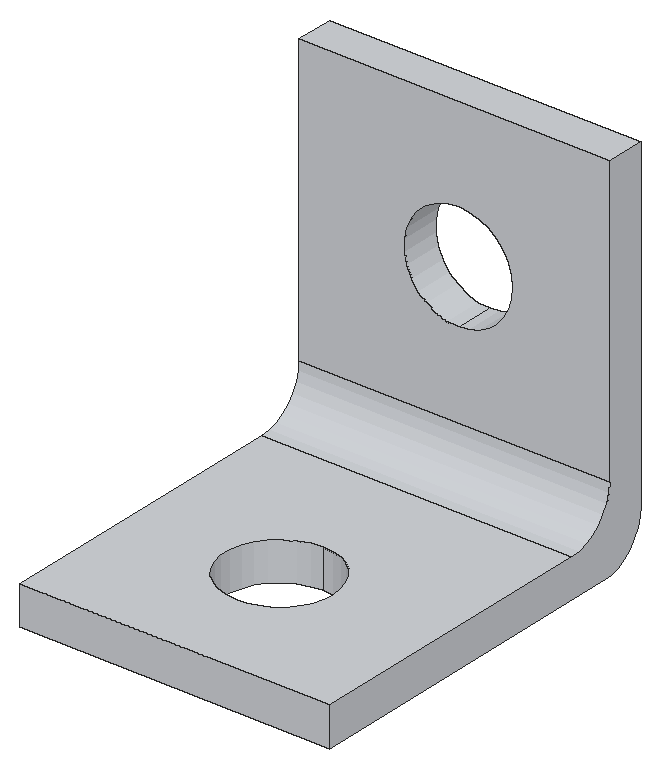
Revit family "mp8", category Generic Models, Revit 2017
Family settings
  Can host rebar = No
  Round Connector Dimension = Use Diameter
  Part Type = Normal
  Work Plane-Based = Yes
  Always vertical = No
  Cut with Voids When Loaded = No
  Shared = No
  Room Calculation Point = No
Parameters (values of type "NBS Standard Parameters")
  Weight = "0.123Kg"
  WarrantyStartDate [instance] = "1900-12-31T23:59:59"
  WarrantyGuarantorParts = "n/a"
  WarrantyGuarantorLabor = "n/a"
  WarrantyDurationUnit = "1 year"
  WarrantyDurationParts = "n/a"
  WarrantyDurationLabor = "n/a"
  WarrantyDescription = "n/a"
  Version = "1"
  Uniclass2 = "Pr_65_70_11_19"
  TagNumber [instance] = "n/a"
  SustainabilityPerformance = "n/a"
  Size = "90 Degree"
  Shape = "Angle"
  SerialNumber [instance] = "n/a"
  Revision = "n/a"
  ReplacementCost = "n/a"
  ProductInformation = "www.metpro.co.uk/pdf/mp8.pdf"
  NominalWidth = 40 mm
  NominalLength = 50 mm
  NominalHeight = 5 mm
  Name = ""
  NBSTypeID = ""
  NBSReference = "90-55-10/305"
  NBSOfficeMasterTag = ""
  NBSNote = ""
  NBSDescription = "Channel Cable Supports"
  NBSCertification = ""
  ModelReference = "MP8"
  ModelNumber = "n/a"
  Material = "Steel"
  ManufacturerURL = "www.metpro.co.uk"
  ManufacturerName = "Metpro Ltd"
  Keynote = "Compliant to LU standard 1-085"
  InstallationDate [instance] = "1900-12-31T23:59:59"
  IfcExportType = ""
  IfcExportAs = ""
  Grade = "n/a"
  Finish = "Hot Dipped Galvanised"
  Features = "n/a"
  ExpectedLife = "n/a"
  DurationUnit = "year"
  Description = "MP8 -  1+1 Hole 90 degree bracket"
  Default Elevation = 1219.2 mm
  Constituents = "n/a"
  Color = "n/a"
  CodePerformance = "n/a"
  Category = "n/a"
  BarCode [instance] = "n/a"
  BIMObjectName = "metpro_metprolibrary_channelcablesupports_channelbracket"
  Author = "Metpro Ltd"
  AssetType = ""
  AssetIdentifier [instance] = "n/a"
  AccessibilityPerformance = "n/a"
Reference planes
  plane 1 "Center (Front/Back)": y = 0
  plane 2: z = 0
  plane 3 "Center (Left/Right)": x = 0
Forms (mm)
  Extrusion 1, solid
    sketch origin (47.222, 0, 44.074) x (0, 0, -1) y (0, 1, 0)
      loop
        line (0, 0) -> (0, -5) -> (37.148, -5)
        arc (37.148, -5) -> (41.391, -6.757) -> (43.148, -11) r 6
        line (43.148, -11) -> (43.148, -50) -> (48.148, -50) -> (48.148, -6)
        arc (48.148, -6) -> (46.391, -1.757) -> (42.148, 0) r 6
        line (42.148, 0) -> (0, 0)
    from 0 to 40
  Extrusion 2, void
    sketch origin (47.222, -2.499, 0.926) x (1, 0, 0) y (0, -1, 0)
      loop
        circle (19.117, 29.59) r 7
    from 0 to 5
  Extrusion 3, void
    sketch origin (47.346, -5, -0.432) x (0, 0, -1) y (-1, 0, 0)
      loop
        circle (-25.431, -20.407) r 7
    from 0 to 5
Cuts and joins
  Extrusion 2, Extrusion 3 cuts Extrusion 1
Dimensions and locks
  aligned and locked: level to plane 2
